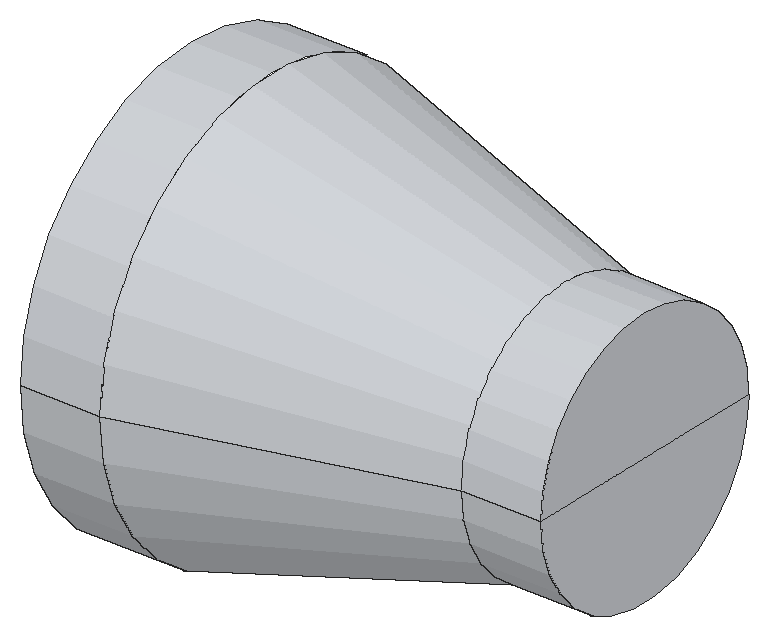
Revit family "8ab9918548c64d4d8698a23174b05415", category Pipe Fittings, Revit 2021
Family settings
  Round Connector Dimension = Use Radius
  Part Type = Transition
  OmniClass Number = 23.60.30.11.14
  OmniClass Title = Pipework Fittings
  Work Plane-Based = No
  Always vertical = Yes
  Cut with Voids When Loaded = No
  Shared = No
Parameters (values of type "Standard")
  Visibility 2 [instance] = Nominal Diameter 2 > Nominal Diameter 1  # no
  Visibility 1 [instance] = Nominal Diameter 1 > Nominal Diameter 2  # yes
  URL = ""
  Type Comments = ""
  Tick Size 2 [instance] = if(Nominal Diameter 1 > Nominal Diameter 2, Min Tick Size 12, Max Tick Size 12)  # 7.7680"
  Tick Size 1 [instance] = if(Nominal Diameter 1 > Nominal Diameter 2, Max Tick Size 12, Min Tick Size 12)  # 12.8000"
  Min Tick Size 12 [instance] = Min Fitting Outside Diameter 12 * 0.4  # 7.7680"
  Max Tick Size 12 [instance] = Max Fitting Outside Diameter 12 * 0.4  # 12.8000"
  Nominal Radius 2 [instance] = 9.0000"
  Nominal Radius 1 [instance] = 15.0000"
  Nominal Diameter 2 [instance] = Nominal Radius 2 * 2  # 18.0000"
  Nominal Diameter 1 [instance] = Nominal Radius 1 * 2  # 30.0000"
  Min Nominal Diameter 12 [instance] = if(Nominal Diameter 1 > Nominal Diameter 2, Nominal Diameter 2, Nominal Diameter 1)  # 18.0000"
  Max Nominal Diameter 12 [instance] = if(Nominal Diameter 1 > Nominal Diameter 2, Nominal Diameter 1, Nominal Diameter 2)  # 30.0000"
  Manufacturer = ""
  Loss Method = K Coefficient from Table
  Lookup Table Name = "Reducer - PE - DI - Class 250"
  Length [instance] = size_lookup(Lookup Table Name, "Lgt", 2 * Max Nominal Diameter 12, Max Nominal Diameter 12, Min Nominal Diameter 12)  # 33.8600"
  K Coefficient Table = "Reducer/Coupling/Union/Increaser"
  Fitting Outside Radius 2 [instance] = Fitting Outside Diameter 2 / 2  # 9.7100"
  Fitting Outside Radius 1 [instance] = Fitting Outside Diameter 1 / 2  # 16.0000"
  Min Fitting Outside Diameter 12 [instance] = size_lookup(Lookup Table Name, "FOD", 1.04 * Min Nominal Diameter 12 + 0.7000", Min Nominal Diameter 12)  # 19.4200"
  Max Fitting Outside Diameter 12 [instance] = size_lookup(Lookup Table Name, "FOD", 1.04 * Max Nominal Diameter 12 + 0.7000", Max Nominal Diameter 12)  # 32.0000"
  built-in parameter 1114238 [instance] = (empty or 0)
  Fitting Outside Diameter 2 [instance] = if(Nominal Diameter 1 > Nominal Diameter 2, Min Fitting Outside Diameter 12, Max Fitting Outside Diameter 12)  # 19.4200"
  Fitting Outside Diameter 1 [instance] = if(Nominal Diameter 1 > Nominal Diameter 2, Max Fitting Outside Diameter 12, Min Fitting Outside Diameter 12)  # 32.0000"
  Description = ""
  Default Elevation = 0.0000"
  Assembly Code = ""
Reference planes (in)
  plane 1 "Center (Front/Back)": y = 0
  plane 2: z = 0
  plane 3 "Center (Left/Right)": x = 0
  plane 4 "Right": x = 33.86
  plane 5 "TK1 Top": y = 12.8
  plane 6 "TK1 Bottom": y = -12.8
  plane 7 "TK2 Top": y = 7.768
  plane 8 "TK2 Bottom": y = -7.768
  plane 9: y = 16
  plane 10: y = 9.71
  plane 11: x = 8.465
  plane 12: x = 25.395
  plane 13: x = 16.93
  plane 14: x = 5.965
  plane 15: x = 27.895
Forms (in)
  Extrusion 1, solid, not visible
    sketch origin (0, 0, 0) x (0, 1, 0) y (0, 0, 1)
      loop
        circle (0, 0) r 1
    from 0 to 33.86
  Revolve 2, solid, detail levels fine
    sketch origin (0, 0, 0) x (1, 0, 0) y (0, 1, 0)
      loop
        line (0, 0) -> (33.86, 0) -> (33.86, 9.71) -> (27.895, 9.71) -> (5.965, 16) -> (0, 16) -> (0, 0)
      axis (0, 0) -> (33.86, 0)
    angle from 0 to 360
Lines and regions (in)
  model lines, detail levels coarse+medium
    curve 1: line (0, 0, 0) -> (0, 12.8, 0)
    curve 2: line (0, -12.8, 0) -> (0, 0, 0)
    curve 3: line (33.86, 0, 0) -> (33.86, 7.768, 0)
    curve 4: line (33.86, 0, 0) -> (33.86, -7.768, 0)
  model lines, style "PipeFitting", visible <- "Visibility 1", detail levels coarse+medium
    curve 5: line (0, 12.8, 0) -> (33.86, 0, 0)
    curve 6: line (0, -12.8, 0) -> (33.86, 0, 0)
  model lines, style "PipeFitting", visible <- "Visibility 2", detail levels coarse+medium
    curve 7: line (33.86, 7.768, 0) -> (0, 0, 0)
    curve 8: line (0, 0, 0) -> (33.86, -7.768, 0)
Dimensions and locks (in)
  "Tick Size 1": plane 5 "TK1 Top" to plane 1 "Center (Front/Back)"
  "Tick Size 1": plane 6 "TK1 Bottom" to plane 1 "Center (Front/Back)"
  "Tick Size 2": plane 7 "TK2 Top" to plane 1 "Center (Front/Back)"
  "Tick Size 2": plane 8 "TK2 Bottom" to plane 1 "Center (Front/Back)"
  "Fitting Outside Radius 1": plane 9 to plane 1 "Center (Front/Back)"
  "Length": plane 3 "Center (Left/Right)" to plane 4 "Right"
  "Fitting Outside Radius 2": plane 10 to plane 1 "Center (Front/Back)"
  equal spacing: plane 3 "Center (Left/Right)", plane 11, plane 13, plane 12, plane 4 "Right"
  locked: plane 12 to plane 15 at 2.5
  locked: plane 14 to plane 11 at 2.5
  radius of Extrusion 1 sketch curve = 1.0000"
  aligned and locked: plane 2 to level
  aligned and locked: plane 2 to Extrusion 1 sketch curve
  aligned and locked: plane 1 "Center (Front/Back)" to Extrusion 1 sketch curve
  aligned and locked: Extrusion 1 to plane 3 "Center (Left/Right)"
  aligned and locked: plane 4 "Right" to Extrusion 1
  aligned and locked: plane 1 "Center (Front/Back)" to curve 2
  aligned and locked: plane 3 "Center (Left/Right)" to curve 1
  aligned and locked: plane 3 "Center (Left/Right)" to curve 2
  aligned and locked: plane 5 "TK1 Top" to curve 1
  aligned and locked: plane 6 "TK1 Bottom" to curve 2
  aligned and locked: curve 3 to plane 7 "TK2 Top"
  aligned and locked: curve 4 to plane 4 "Right"
  aligned and locked: plane 1 "Center (Front/Back)" to Revolve 2 sketch curve
  aligned and locked: plane 3 "Center (Left/Right)" to Revolve 2 sketch curve
  aligned and locked: plane 4 "Right" to Revolve 2 sketch curve
  aligned and locked: Revolve 2 sketch curve to Revolve 2 sketch curve
  aligned and locked: plane 10 to Revolve 2 sketch curve
  aligned and locked: Revolve 2 sketch curve to plane 9
  aligned and locked: plane 15 to Revolve 2 sketch curve
Automatic sketch dimensions
  plane 8 "TK2 Bottom" to curve 8 = 0.0000"
  plane 1 "Center (Front/Back)" to curve 4 = 0.0000"
  Revolve 2 sketch curve to plane 14 = 0.0000"
  Revolve 2 sketch curve to plane 3 "Center (Left/Right)" = 9.7500"
  Revolve 2 sketch curve to Revolve 2 sketch curve = 7.2500"
Connectors (in)
  piping at (0, 0, 0), diameter 30, driven by "Nominal Radius 1"
    settings: on Extrusion 1, index 1, connector inside diameter 30.0000", connector length 0.0000", flow factor 0, pipe flow 0 GPM, pressure drop 0.00 psi, fitting loss kfactor 0, connector angle 0.00°, fixture units 0, engagement length 0.0000", angle of deflection 0.00°, flow configuration 0, flow direction 0, fitting loss method 0, system type 28, joint type 0, gender type 0, connector reference index 2, connector utility 0, adjustable connector no, is connector primary yes, connector description ""
  piping at (33.86, 0, 0), diameter 18, driven by "Nominal Radius 2"
    settings: on Extrusion 1, index 2, connector inside diameter 18.0000", connector length 0.0000", flow factor 0, pipe flow 0 GPM, pressure drop 0.00 psi, fitting loss kfactor 0, connector angle 0.00°, fixture units 0, engagement length 0.0000", angle of deflection 0.00°, flow configuration 0, flow direction 0, fitting loss method 0, system type 28, joint type 0, gender type 0, connector reference index 1, connector utility 0, adjustable connector no, is connector primary no, connector description ""
